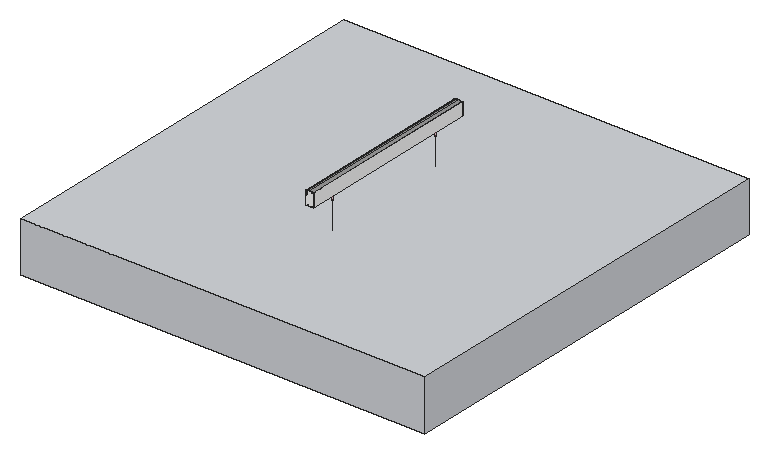
Revit family "LAMP_FIL 45 1120MM OPAL SUSPENDED", category Luminarias, Revit 2018
Family settings
  Anfitrión = Cara
  Cota de conector redondo = Diámetro de uso
  Tipo de pieza = Normal
  Corte con vacíos al cargar = No
  Origen de luz = Sí
  Compartido = No
  Punto de cálculo de habitación = No
Parameters (values of type "2600LM 3000K  BLACK")
  Ángulo de inclinación = -90.00°
  Weight = 2.40 kg
  Wattage = 17.5 W
  Type = "MID POWER TRIDONIC"
  built-in parameter 1150107 = 3000 (stored number, unit not read)
  Suspension distance [instance] = if(Suspension > 4000 mm, 4000 mm, if(Suspension < 1 mm, 1 mm, Suspension))  # 200 mm
  Suspension [instance] = 200 mm
  built-in parameter 1150110 = 1 (stored number, unit not read)
  built-in parameter 1150109 = 1 (stored number, unit not read)
  built-in parameter 1150112 = 1 (stored number, unit not read)
  built-in parameter 1150113 = 1 (stored number, unit not read)
  built-in parameter 1114218 = 1 (stored number, unit not read)
  Protection rating = "IP20 / IK07"
  Product datasheet = "http://www.lamp.es/product-files/TECH/F41SF112MOOP830NB-EN.pdf"
  Product code = "F41SF112MOOP830NB"
  Product URL = "https://www.lamp.es/en/family/fil-45_413951"
  Power Supply = "220-240V 50/60Hz"
  Power = 16 W
  Plum = 17.5 W
  Photobiological risk = ""
  NOT COVER 2 [instance] = not(END COVER 2)  # no
  NOT COVER 1 [instance] = not(END COVER 1)  # no
  built-in parameter 1150137 = (empty or 0)
  built-in parameter 1150132 = 2
  Modelo = Product code  # "F41SF112MOOP830NB"
  Model Explanation = ""
  Material suspension = LAMP_Acero genérico
  Material perfil = LAMP_Aluminio Perfil Fil NG
  Material difusor = LAMP_PC Difusor Opal Fil
  Manufacturer name = "LAMP"
  Manufacturer country = "Spain"
  Manufacturer URL = "http://www.lamp.es/en"
  MacAdam = "3"
  Longitud de línea de emisión = 1120 mm
  Last update = "15/03/2021"
  Lamp = "MID-POWER LED"
  LED Lifetime = "70.000 L80 B10"
  built-in parameter 1150105 = 655.12 (stored number, unit not read)
  built-in parameter 1150102 = (empty or 0)
  Insulation class = "I"
  Installation instructions = "https://www.lamp.es/product-files/INS/1004580-C%20INSTR.%20FIL45.pdf"
  built-in parameter 1150106 = 6.5512 (stored number, unit not read)
  IEE = "A+"
  Gear = "Electronic"
  Lumens = 1722.17 lm
  Finish = "Matte black RAL 9011"
  Color Filter = 16777215
  built-in parameter 1114217 = 1 (stored number, unit not read)
  built-in parameter 1150139 = (empty or 0)
  Fabricante = Manufacturer name  # "LAMP"
  Default Elevation = 1219.2 mm
  built-in parameter 1150104 = 9.1426 (stored number, unit not read)
  Efficacy = 98.41 lm/W
  END COVER 2 [instance] = yes
  END COVER 1 [instance] = yes
  Dimensions = "1120x45x80"
  Descripción = "FIL45 SUR 1120 2600 WW OPAL BK."
  built-in parameter 1150115 = 1 (stored number, unit not read)
  built-in parameter 1150114 = 1 (stored number, unit not read)
  built-in parameter 1150138 = (empty or 0)
  built-in parameter 1150134 = 3
  Dimming Lamp Color Temperature Shift = (empty or 0)
  CRI = "80"
  Archivo de red fotométrica = "F41SF112MOOP830NB.IES"
  built-in parameter 1150133 = 10 (stored number, unit not read)
Types (24, lengths in mm): name | Weight | Wattage | built-in parameter 1150107 | Product datasheet | Product code | Power | Plum | Modelo | Material perfil | LED Lifetime | built-in parameter 1150105 | built-in parameter 1150106 | Lumens | Finish | built-in parameter 1150104 | Efficacy | Descripción | Archivo de red fotométrica
  2600LM 3000K DALI BLACK | 2.546 kg | 17.5 W | 3000 (stored number, unit not read) | "http://www.lamp.es/product-files/TECH/F41SF112MOOP830DB-EN.pdf" | "F41SF112MOOP830DB" | 16 W | 17.5 W | "F41SF112MOOP830DB" | LAMP_Aluminio Perfil Fil NG | "70.000 L80 B10" | 655.12 (stored number, unit not read) | 6.5512 (stored number, unit not read) | 1722.17 lm | "Matte black RAL 9011" | 9.1426 (stored number, unit not read) | 98.41 lm/W | "FIL45 SUR 1120 2600 WW OPAL DALI BK." | "F41SF112MOOP830nB.IES"
  2600LM 3000K DALI GREY | 2.546 kg | 17.5 W | 3000 (stored number, unit not read) | "http://www.lamp.es/product-files/TECH/F41SF112MOOP830DG-EN.pdf" | "F41SF112MOOP830DG" | 16 W | 17.5 W | "F41SF112MOOP830DG" | LAMP_Aluminio Perfil Fil GR | "70.000 L80 B10" | 655.12 (stored number, unit not read) | 6.5512 (stored number, unit not read) | 1722.17 lm | "Gloss grey" | 9.1426 (stored number, unit not read) | 98.41 lm/W | "FIL45 SUR 1120 2600 WW OPAL DALI GR." | "F41SF112MOOP830nG.IES"
  2600LM 3000K DALI WHITE | 2.546 kg | 17.5 W | 3000 (stored number, unit not read) | "http://www.lamp.es/product-files/TECH/F41SF112MOOP830DW-EN.pdf" | "F41SF112MOOP830DW" | 16 W | 17.5 W | "F41SF112MOOP830DW" | LAMP_Aluminio Perfil Fil BL | "70.000 L80 B10" | 655.12 (stored number, unit not read) | 6.5512 (stored number, unit not read) | 1722.17 lm | "Matte white RAL 9010" | 9.1426 (stored number, unit not read) | 98.41 lm/W | "FIL45 SUR 1120 2600 WW OPAL DALI WH." | "F41SF112MOOP830nW.IES"
  2600LM 3000K  BLACK | 2.40 kg | 17.5 W | 3000 (stored number, unit not read) | "http://www.lamp.es/product-files/TECH/F41SF112MOOP830NB-EN.pdf" | "F41SF112MOOP830NB" | 16 W | 17.5 W | "F41SF112MOOP830NB" | LAMP_Aluminio Perfil Fil NG | "70.000 L80 B10" | 655.12 (stored number, unit not read) | 6.5512 (stored number, unit not read) | 1722.17 lm | "Matte black RAL 9011" | 9.1426 (stored number, unit not read) | 98.41 lm/W | "FIL45 SUR 1120 2600 WW OPAL BK." | "F41SF112MOOP830NB.IES"
  2600LM 3000K  GREY | 2.40 kg | 17.5 W | 3000 (stored number, unit not read) | "http://www.lamp.es/product-files/TECH/F41SF112MOOP830NG-EN.pdf" | "F41SF112MOOP830NG" | 16 W | 17.5 W | "F41SF112MOOP830NG" | LAMP_Aluminio Perfil Fil GR | "70.000 L80 B10" | 655.12 (stored number, unit not read) | 6.5512 (stored number, unit not read) | 1722.17 lm | "Gloss grey" | 9.1426 (stored number, unit not read) | 98.41 lm/W | "FIL45 SUR 1120 2600 WW OPAL GR." | "F41SF112MOOP830NG.IES"
  2600LM 3000K  WHITE | 2.40 kg | 13.3 W | 3000 (stored number, unit not read) | "http://www.lamp.es/product-files/TECH/F41SF112MOOP830NW-EN.pdf" | "F41SF112MOOP830NW" | 16 W | 17.5 W | "F41SF112MOOP830NW" | LAMP_Aluminio Perfil Fil BL | "70.000 L80 B10" | 491.36 (stored number, unit not read) | 4.9136 (stored number, unit not read) | 1291.7 lm | "Matte white RAL 9010" | 9.0227 (stored number, unit not read) | 98.41 lm/W | "FIL45 SUR 1120 2600 WW OPAL WH." | "F41SF112MOOP830NW.IES"
  2600LM 4000K DALI BLACK | 2.546 kg | 17.5 W | 4000 (stored number, unit not read) | "http://www.lamp.es/product-files/TECH/F41SF112MOOP840DB-EN.pdf" | "F41SF112MOOP840DB" | 16 W | 17.5 W | "F41SF112MOOP840DB" | LAMP_Aluminio Perfil Fil NG | "70.000 L80 B10" | 686.79 (stored number, unit not read) | 6.8679 (stored number, unit not read) | 1805.48 lm | "Matte black RAL 9011" | 9.5848 (stored number, unit not read) | 103.17 lm/W | "FIL45 SUR 1120 2600 NW OPAL DALI BK." | "F41SF112MOOP840nB.IES"
  2600LM 4000K DALI GREY | 2.546 kg | 17.5 W | 4000 (stored number, unit not read) | "http://www.lamp.es/product-files/TECH/F41SF112MOOP840DG-EN.pdf" | "F41SF112MOOP840DG" | 16 W | 17.5 W | "F41SF112MOOP840DG" | LAMP_Aluminio Perfil Fil GR | "70.000 L80 B10" | 686.79 (stored number, unit not read) | 6.8679 (stored number, unit not read) | 1805.48 lm | "Gloss grey" | 9.5848 (stored number, unit not read) | 103.17 lm/W | "FIL45 SUR 1120 2600 NW OPAL DALI GR." | "F41SF112MOOP840nG.IES"
  2600LM 4000K DALI WHITE | 2.546 kg | 17.5 W | 4000 (stored number, unit not read) | "http://www.lamp.es/product-files/TECH/F41SF112MOOP840DW-EN.pdf" | "F41SF112MOOP840DW" | 16 W | 17.5 W | "F41SF112MOOP840DW" | LAMP_Aluminio Perfil Fil BL | "70.000 L80 B10" | 686.79 (stored number, unit not read) | 6.8679 (stored number, unit not read) | 1805.48 lm | "Matte white RAL 9010" | 9.5848 (stored number, unit not read) | 103.17 lm/W | "FIL45 SUR 1120 2600 NW OPAL DALI WH." | "F41SF112MOOP840nW.IES"
  2600LM 4000K  BLACK | 2.40 kg | 17.5 W | 4000 (stored number, unit not read) | "http://www.lamp.es/product-files/TECH/F41SF112MOOP840NB-EN.pdf" | "F41SF112MOOP840NB" | 16 W | 17.5 W | "F41SF112MOOP840NB" | LAMP_Aluminio Perfil Fil NG | "70.000 L80 B10" | 686.79 (stored number, unit not read) | 6.8679 (stored number, unit not read) | 1805.48 lm | "Matte black RAL 9011" | 9.5848 (stored number, unit not read) | 103.17 lm/W | "FIL45 SUR 1120 2600 NW OPAL BK." | "F41SF112MOOP840NB.IES"
  2600LM 4000K  GREY | 2.40 kg | 17.5 W | 4000 (stored number, unit not read) | "http://www.lamp.es/product-files/TECH/F41SF112MOOP840NG-EN.pdf" | "F41SF112MOOP840NG" | 16 W | 17.5 W | "F41SF112MOOP840NG" | LAMP_Aluminio Perfil Fil GR | "70.000 L80 B10" | 686.79 (stored number, unit not read) | 6.8679 (stored number, unit not read) | 1805.48 lm | "Gloss grey" | 9.5848 (stored number, unit not read) | 103.17 lm/W | "FIL45 SUR 1120 2600 NW OPAL GR." | "F41SF112MOOP840NG.IES"
  2600LM 4000K  WHITE | 2.40 kg | 17.5 W | 4000 (stored number, unit not read) | "http://www.lamp.es/product-files/TECH/F41SF112MOOP840NW-EN.pdf" | "F41SF112MOOP840NW" | 16 W | 17.5 W | "F41SF112MOOP840NW" | LAMP_Aluminio Perfil Fil BL | "70.000 L80 B10" | 686.79 (stored number, unit not read) | 6.8679 (stored number, unit not read) | 1805.48 lm | "Matte white RAL 9010" | 9.5848 (stored number, unit not read) | 103.17 lm/W | "FIL45 SUR 1120 2600 NW OPAL WH." | "F41SF112MOOP840NW.IES"
  6200LM 3000K  BLACK | 2.45 kg | 40.3 W | 3000 (stored number, unit not read) | "http://www.lamp.es/product-files/TECH/F41SF112HOOP830NB-EN.pdf" | "F41SF112HOOP830NB" | 36 W | 40.3 W | "F41SF112HOOP830NB" | LAMP_Aluminio Perfil Fil NG | "72.000 L80 B10" | 1403.9 (stored number, unit not read) | 14.039 (stored number, unit not read) | 3727.75 lm | "Matte black RAL 9011" | 8.5935 (stored number, unit not read) | 92.5 lm/W | "FIL45 SUR 1120 6200 WW OPAL BK." | "F41SF112HOOP830NB.IES"
  6200LM 3000K  GREY | 2.45 kg | 40.3 W | 3000 (stored number, unit not read) | "http://www.lamp.es/product-files/TECH/F41SF112HOOP830NG-EN.pdf" | "F41SF112HOOP830NG" | 36 W | 40.3 W | "F41SF112HOOP830NG" | LAMP_Aluminio Perfil Fil GR | "72.000 L80 B10" | 1403.9 (stored number, unit not read) | 14.039 (stored number, unit not read) | 3727.75 lm | "Gloss grey" | 8.5935 (stored number, unit not read) | 92.5 lm/W | "FIL45 SUR 1120 6200 WW OPAL GR." | "F41SF112HOOP830NG.IES"
  6200LM 3000K  WHITE | 2.45 kg | 40.3 W | 3000 (stored number, unit not read) | "http://www.lamp.es/product-files/TECH/F41SF112HOOP830NW-EN.pdf" | "F41SF112HOOP830NW" | 36 W | 40.3 W | "F41SF112HOOP830NW" | LAMP_Aluminio Perfil Fil BL | "72.000 L80 B10" | 1403.9 (stored number, unit not read) | 14.039 (stored number, unit not read) | 3727.75 lm | "Matte white RAL 9010" | 8.5935 (stored number, unit not read) | 92.5 lm/W | "FIL45 SUR 1120 6200 WW OPAL WH." | "F41SF112HOOP830NW.IES"
  6200LM 4000K  BLACK | 2.45 kg | 40.3 W | 4000 (stored number, unit not read) | "http://www.lamp.es/product-files/TECH/F41SF112HOOP840NB-EN.pdf" | "F41SF112HOOP840NB" | 36 W | 40.3 W | "F41SF112HOOP840NB" | LAMP_Aluminio Perfil Fil NG | "72.000 L80 B10" | 1828.9 (stored number, unit not read) | 18.289 (stored number, unit not read) | 4807.79 lm | "Matte black RAL 9011" | 11.083 (stored number, unit not read) | 92.5 lm/W | "FIL45 SUR 1120 6200 NW OPAL BK." | "F41SF112HOOP840NB.IES"
  6200LM 4000K  GREY | 2.45 kg | 40.3 W | 4000 (stored number, unit not read) | "http://www.lamp.es/product-files/TECH/F41SF112HOOP840NG-EN.pdf" | "F41SF112HOOP840NG" | 36 W | 40.3 W | "F41SF112HOOP840NG" | LAMP_Aluminio Perfil Fil GR | "72.000 L80 B10" | 1825.8 (stored number, unit not read) | 18.258 (stored number, unit not read) | 4799.73 lm | "Gloss grey" | 11.065 (stored number, unit not read) | 92.5 lm/W | "FIL45 SUR 1120 6200 NW OPAL GR." | "F41SF112HOOP840NG.IES"
  6200LM 4000K  WHITE | 2.45 kg | 40.3 W | 4000 (stored number, unit not read) | "http://www.lamp.es/product-files/TECH/F41SF112HOOP840NW-EN.pdf" | "F41SF112HOOP840NW" | 36 W | 40.3 W | "F41SF112HOOP840NW" | LAMP_Aluminio Perfil Fil BL | "72.000 L80 B10" | 1825.8 (stored number, unit not read) | 18.258 (stored number, unit not read) | 4799.73 lm | "Matte white RAL 9010" | 11.065 (stored number, unit not read) | 92.5 lm/W | "FIL45 SUR 1120 6200 NW OPAL WH." | "F41SF112HOOP840NW.IES"
  6200LM 3000K DALI BLACK | 2.561 kg | 40.3 W | 3000 (stored number, unit not read) | "http://www.lamp.es/product-files/TECH/F41SF112HOOP830DB-EN.pdf" | "F41SF112HOOP830DB" | 36 W | 40.3 W | "F41SF112HOOP830DB" | LAMP_Aluminio Perfil Fil NG | "72.000 L80 B10" | 1403.9 (stored number, unit not read) | 14.039 (stored number, unit not read) | 3727.75 lm | "Matte black RAL 9011" | 8.5935 (stored number, unit not read) | 92.5 lm/W | "FIL45 SUR 1120 6200 WW OPAL DALI BK." | "F41SF112HOOP830nB.IES"
  6200LM 3000K DALI GREY | 2.561 kg | 40.3 W | 3000 (stored number, unit not read) | "http://www.lamp.es/product-files/TECH/F41SF112HOOP830DG-EN.pdf" | "F41SF112HOOP830DG" | 36 W | 40.3 W | "F41SF112HOOP830DG" | LAMP_Aluminio Perfil Fil GR | "72.000 L80 B10" | 1418 (stored number, unit not read) | 14.18 (stored number, unit not read) | 3727.75 lm | "Gloss grey" | 8.5935 (stored number, unit not read) | 92.5 lm/W | "FIL45 SUR 1120 6200 WW OPAL DALI GR." | "F41SF112HOOP830NG.IES"
  6200LM 3000K DALI WHITE | 2.561 kg | 40.3 W | 3000 (stored number, unit not read) | "http://www.lamp.es/product-files/TECH/F41SF112HOOP830DW-EN.pdf" | "F41SF112HOOP830DW" | 36 W | 40.3 W | "F41SF112HOOP830DW" | LAMP_Aluminio Perfil Fil BL | "72.000 L80 B10" | 1418 (stored number, unit not read) | 14.18 (stored number, unit not read) | 3727.75 lm | "Matte white RAL 9010" | 8.5935 (stored number, unit not read) | 92.5 lm/W | "FIL45 SUR 1120 6200 WW OPAL DALI WH." | "F41SF112HOOP830nW.IES"
  6200LM 4000K DALI BLACK | 2.561 kg | 40.3 W | 4000 (stored number, unit not read) | "http://www.lamp.es/product-files/TECH/F41SF112HOOP840DB-EN.pdf" | "F41SF112HOOP840DB" | 36 W | 40.3 W | "F41SF112HOOP840DB" | LAMP_Aluminio Perfil Fil NG | "72.000 L80 B10" | 1825.8 (stored number, unit not read) | 18.258 (stored number, unit not read) | 4799.73 lm | "Matte black RAL 9011" | 11.065 (stored number, unit not read) | 92.5 lm/W | "FIL45 SUR 1120 6200 NW OPAL DALI BK." | "F41SF112HOOP840nB.IES"
  6200LM 4000K DALI GREY | 2.561 kg | 40.3 W | 4000 (stored number, unit not read) | "http://www.lamp.es/product-files/TECH/F41SF112HOOP840DG-EN.pdf" | "F41SF112HOOP840DG" | 36 W | 40.3 W | "F41SF112HOOP840DG" | LAMP_Aluminio Perfil Fil GR | "72.000 L80 B10" | 1825.8 (stored number, unit not read) | 18.258 (stored number, unit not read) | 4799.73 lm | "Gloss grey" | 11.065 (stored number, unit not read) | 92.5 lm/W | "FIL45 SUR 1120 6200 NW OPAL DALI GR." | "F41SF112HOOP840nG.IES"
  6200LM 4000K DALI WHITE | 2.561 kg | 40.3 W | 4000 (stored number, unit not read) | "http://www.lamp.es/product-files/TECH/F41SF112HOOP840DW-EN.pdf" | "F41SF112HOOP840DW" | 36 W | 40.3 W | "F41SF112HOOP840DW" | LAMP_Aluminio Perfil Fil BL | "72.000 L80 B10" | 1825.8 (stored number, unit not read) | 18.258 (stored number, unit not read) | 4799.73 lm | "Matte white RAL 9010" | 11.065 (stored number, unit not read) | 92.5 lm/W | "FIL45 SUR 1120 6200 NW OPAL DALI WH." | "F41SF112HOOP840nW.IES"
Reference planes
  plane 1 "Centro (Frontal/Posterior)": y = 0
  plane 2: z = 0
  plane 3 "Centro (Izquierda/Derecha)": x = 0
Forms (mm)
  Extrusion 1, solid
    sketch origin (0, 0, 0) x (1, 0, 0) y (0, 1, 0)
      loop
        line (-1219.2, 1219.2) -> (-1219.2, -1219.2) -> (1219.2, -1219.2) -> (1219.2, 1219.2) -> (-1219.2, 1219.2)
    from 0 to -304.8
  Extrusion 2, solid, material "LAMP_Aluminio Perfil Fil NG" <- "Material perfil"
    sketch origin (0, 0, 0) x (1, 0, 0) y (0, 0, 1)
      loop
        arc (22.5, 285.7) -> (21.5, 286.7) -> (20.5, 285.7) r 1
        line (20.5, 285.7) -> (20.5, 284.2) -> (17.8, 284.2) -> (17.8, 259) -> (0, 259) -> (-17.8, 259) -> (-17.8, 284.2) -> (-20.5, 284.2) -> (-20.5, 285.7)
        arc (-20.5, 285.7) -> (-21.5, 286.7) -> (-22.5, 285.7) r 1
        line (-22.5, 285.7) -> (-22.5, 206.5) -> (-20.7, 206.5) -> (-20.7, 210) -> (-12.5, 210) -> (-12.5, 208) -> (-14.8, 208) -> (-14.5, 206.5) -> (-11, 206.5) -> (-11, 214.5) -> (0, 214.5) -> (11, 214.5) -> (11, 206.5) -> (14.5, 206.5) -> (14.8, 208) -> (12.5, 208) -> (12.5, 210) -> (20.7, 210) -> (20.7, 206.5) -> (22.5, 206.5) -> (22.5, 285.7)
    from -560 to 560
  Extrusion 3, solid, material "LAMP_Acero genérico" <- "Material suspension"
    sketch origin (0, 0, 0) x (1, 0, 0) y (0, 0, 1)
      loop
        line (-12.5, 201) -> (-15.291, 208.272) -> (-12.823, 210) -> (-13.823, 210) -> (-16.291, 208.272) -> (-13.116, 200) -> (0, 200) -> (13.116, 200) -> (16.291, 208.272) -> (13.823, 210) -> (12.823, 210) -> (15.291, 208.272) -> (12.5, 201) -> (0, 201) -> (-12.5, 201)
    from -400 to -378
  Extrusion 4, solid, material "LAMP_Acero genérico" <- "Material suspension"
    sketch origin (0, -24, 0) x (1, 0, 0) y (0, 1, 0)
      loop
        circle (0, -365) r 5
    from 163.2 to 200
  Extrusion 5, solid, material "LAMP_Acero genérico" <- "Material suspension"
    sketch origin (0, 24, 0) x (1, 0, 0) y (0, 1, 0)
      loop
        circle (0, 365) r 5
    from 163.2 to 200
  Extrusion 6, solid, material "LAMP_Acero genérico" <- "Material suspension"
    sketch origin (0, 0, 0) x (1, 0, 0) y (0, 1, 0)
      loop
        circle (0, -389) r 1
    from 0 to 163.2
  Extrusion 7, solid, material "LAMP_Acero genérico" <- "Material suspension"
    sketch origin (0, 0, 0) x (1, 0, 0) y (0, 1, 0)
      loop
        circle (0, 389) r 1
    from 0 to 163.2
  Extrusion 8, solid, material "LAMP_PC Difusor Opal Fil" <- "Material difusor"
    sketch origin (0, 0, 0) x (1, 0, 0) y (0, 0, 1)
      loop
        line (-20.5, 284.2) -> (0, 284.2) -> (20.5, 284.2) -> (20.5, 286.7) -> (0, 286.7) -> (-20.5, 286.7) -> (-20.5, 284.2)
    from -560 to 560
  Extrusion 9, solid, material "LAMP_Acero genérico" <- "Material suspension"
    sketch origin (0, 0, 0) x (1, 0, 0) y (0, 0, -1)
      loop
        line (-12.5, -201) -> (0, -201) -> (12.5, -201) -> (15.291, -208.272) -> (12.823, -210) -> (13.823, -210) -> (16.291, -208.272) -> (13.116, -200) -> (0, -200) -> (-13.116, -200) -> (-16.291, -208.272) -> (-13.823, -210) -> (-12.823, -210) -> (-15.291, -208.272) -> (-12.5, -201)
    from -400 to -378
  Extrusion 10, solid, material "LAMP_PC Difusor Opal Fil" <- "Material difusor"
    sketch origin (0, 0, 0) x (1, 0, 0) y (0, 0, 1)
      loop
        line (-11, 214.5) -> (-11, 206.5) -> (-7.529, 206.5) -> (11, 206.5) -> (11, 214.5) -> (10, 214.5) -> (10, 207.5) -> (-10, 207.5) -> (-10, 214.5) -> (-11, 214.5)
    from -560 to 560
Lines and regions (mm)
  reference lines
    curve 1: line (0, -445.47, 200) -> (0, 544.53, 200)
Text (mm)
  text "Any modification of the parameters and properties of the LAMP BIM models must be executed and validated by the LAMP technical department.\nPhone: +34 93 736 68 00\nE-mail: lamp@lamp.es\n\nLAMP reserves the right to modify the technical specifications of its products." at (3279.264, 5298.162, -2684.539), in view "Preview"
Dimensions and locks
  "Suspension distance": level to curve 1
  locked: Extrusion 4 to Extrusion 4 at 36.8
  locked: Extrusion 5 to Extrusion 5 at 36.8
  aligned and locked: plane 2 to Extrusion 1
  aligned and locked: level to Extrusion 1
  aligned and locked: Extrusion 8 to Extrusion 2  (x2)
  aligned and locked: curve 1 to Extrusion 9
  aligned and locked: curve 1 to Extrusion 3
  aligned and locked: Extrusion 4 to curve 1
  aligned and locked: Extrusion 5 to curve 1
  aligned and locked: Extrusion 6 to Extrusion 4
  aligned and locked: Extrusion 7 to Extrusion 5
  aligned and locked: Extrusion 2 to Extrusion 9  (x2)
  aligned and locked: imposter light to Extrusion 8
  aligned and locked: Extrusion 10 to Extrusion 2
  aligned and locked: nested 1 to Extrusion 2  (x2)
  aligned and locked: nested 2 to Extrusion 2  (x2)
Automatic sketch dimensions
  Extrusion 1 sketch curve to Extrusion 1 sketch curve = 2438.4 mm  (x2)
  Extrusion 3 sketch curve to plane 3 "Centro (Izquierda/Derecha)" = 0 mm  (x2)
  Extrusion 3 sketch curve to Extrusion 3 sketch curve = 12.5 mm
  Extrusion 3 sketch curve to Extrusion 3 sketch curve = 0.323 mm  (x2)
  Extrusion 3 sketch curve to Extrusion 3 sketch curve = 0.616 mm  (x2)
  Extrusion 3 sketch curve to Extrusion 3 sketch curve = 1 mm  (x5)
  Extrusion 3 sketch curve to Extrusion 3 sketch curve = 1.468 mm  (x2)
  plane 3 "Centro (Izquierda/Derecha)" to Extrusion 3 sketch curve = 12.5 mm
  level to Extrusion 3 sketch curve = 200 mm
  Extrusion 3 sketch curve to Extrusion 3 sketch curve = 7.272 mm  (x2)
  Extrusion 3 sketch curve to Extrusion 3 sketch curve = 0 mm  (x2)
  Extrusion 3 sketch curve to Extrusion 3 sketch curve = 1.728 mm  (x2)
  Extrusion 4 sketch curve to plane 3 "Centro (Izquierda/Derecha)" = 0 mm
  plane 1 "Centro (Frontal/Posterior)" to Extrusion 4 sketch curve = 389 mm
  Extrusion 5 sketch curve to plane 3 "Centro (Izquierda/Derecha)" = 0 mm
  plane 1 "Centro (Frontal/Posterior)" to Extrusion 5 sketch curve = 389 mm
  Extrusion 6 sketch curve to plane 3 "Centro (Izquierda/Derecha)" = 0 mm
  plane 1 "Centro (Frontal/Posterior)" to Extrusion 6 sketch curve = 389 mm
  Extrusion 7 sketch curve to plane 3 "Centro (Izquierda/Derecha)" = 0 mm
  plane 1 "Centro (Frontal/Posterior)" to Extrusion 7 sketch curve = 389 mm
  Extrusion 2 sketch curve to plane 3 "Centro (Izquierda/Derecha)" = 0 mm  (x2)
  Extrusion 2 sketch curve to plane 3 "Centro (Izquierda/Derecha)" = 11 mm
  Extrusion 2 sketch curve to Extrusion 2 sketch curve = 1.5 mm  (x6)
  Extrusion 2 sketch curve to Extrusion 2 sketch curve = 2 mm  (x2)
  Extrusion 2 sketch curve to Extrusion 2 sketch curve = 0.3 mm  (x2)
  Extrusion 2 sketch curve to Extrusion 2 sketch curve = 17.8 mm
  Extrusion 2 sketch curve to Extrusion 2 sketch curve = 2.7 mm  (x2)
  Extrusion 2 sketch curve to Extrusion 2 sketch curve = 5.9 mm  (x2)
  Extrusion 2 sketch curve to Extrusion 2 sketch curve = 1 mm  (x2)
  plane 3 "Centro (Izquierda/Derecha)" to Extrusion 2 sketch curve = 11 mm
  plane 3 "Centro (Izquierda/Derecha)" to Extrusion 2 sketch curve = 17.8 mm
  level to Extrusion 2 sketch curve = 206.5 mm
  Extrusion 2 sketch curve to Extrusion 2 sketch curve = 0 mm  (x3)
  Extrusion 2 sketch curve to Extrusion 2 sketch curve = 3.5 mm  (x2)
  Extrusion 2 sketch curve to Extrusion 2 sketch curve = 4.5 mm
  Extrusion 2 sketch curve to Extrusion 2 sketch curve = 44.5 mm
  Extrusion 2 sketch curve to Extrusion 2 sketch curve = 25.2 mm  (x2)
  Extrusion 8 sketch curve to plane 3 "Centro (Izquierda/Derecha)" = 0 mm  (x2)
  Extrusion 8 sketch curve to Extrusion 8 sketch curve = 20.5 mm
  plane 3 "Centro (Izquierda/Derecha)" to Extrusion 8 sketch curve = 20.5 mm
  level to Extrusion 8 sketch curve = 284.2 mm
  Extrusion 8 sketch curve to Extrusion 8 sketch curve = 2.5 mm
  Extrusion 9 sketch curve to plane 3 "Centro (Izquierda/Derecha)" = 0 mm  (x2)
  Extrusion 9 sketch curve to Extrusion 9 sketch curve = 12.5 mm
  Extrusion 9 sketch curve to Extrusion 9 sketch curve = 0.323 mm  (x2)
  Extrusion 9 sketch curve to Extrusion 9 sketch curve = 0.616 mm  (x2)
  Extrusion 9 sketch curve to Extrusion 9 sketch curve = 1 mm  (x5)
  Extrusion 9 sketch curve to Extrusion 9 sketch curve = 1.468 mm  (x2)
  plane 3 "Centro (Izquierda/Derecha)" to Extrusion 9 sketch curve = 12.5 mm
  level to Extrusion 9 sketch curve = 210 mm
  Extrusion 9 sketch curve to Extrusion 9 sketch curve = 0 mm  (x3)
  Extrusion 9 sketch curve to Extrusion 9 sketch curve = 1.728 mm  (x2)
  Extrusion 9 sketch curve to Extrusion 9 sketch curve = 7.272 mm
  Extrusion 10 sketch curve to plane 3 "Centro (Izquierda/Derecha)" = 11 mm
  Extrusion 10 sketch curve to Extrusion 10 sketch curve = 1 mm  (x3)
  Extrusion 10 sketch curve to Extrusion 10 sketch curve = 2.471 mm
  plane 3 "Centro (Izquierda/Derecha)" to Extrusion 10 sketch curve = 10 mm
  level to Extrusion 10 sketch curve = 206.5 mm
  Extrusion 10 sketch curve to Extrusion 10 sketch curve = 7 mm  (x2)
  plane 1 "Centro (Frontal/Posterior)" to curve 1 = 445.47 mm
  curve 1 to plane 1 "Centro (Frontal/Posterior)" = 544.53 mm
  radius of Extrusion 4 sketch curve = 5 mm
  radius of Extrusion 5 sketch curve = 5 mm
  radius of Extrusion 6 sketch curve = 1 mm
  radius of Extrusion 7 sketch curve = 1 mm
Nested families
  nested 1: "LAMP_FIL 45 END COVER SURFACE" at (0, -561, 206.5), visible <- "END COVER 1", type "LAMP_FIL 45 END COVER SURFACE"
  nested 2: "LAMP_FIL 45 END COVER SURFACE" at (0, 561, 206.5), visible <- "END COVER 2", type "LAMP_FIL 45 END COVER SURFACE"
Connectors
  electrical at (0, 389, 200)
    settings: on Extrusion 5, index 1, voltage 230 V, apparent load 0 VA, apparent load phase1 0 VA, apparent load phase2 0 VA, apparent load phase3 0 VA, power factor 1, load classification "Otro", number of poles 1, system type 31, power factor state 1, is connector primary yes, connector utility no, sub classification motor no, connector description ""
Definition of nested family "LAMP_FIL 45 END COVER SURFACE"
  Parameters (values of type "Blanco")
    Material tapa = none
  Reference planes
    plane 1 "Centro (Frontal/Posterior)": y = 0
    plane 2: z = 0
    plane 3 "Centro (Izquierda/Derecha)": x = 0
  Forms (mm)
    Extrusion 1, solid, material <- "Material tapa"
      sketch origin (0, 0, 0) x (0, -1, 0) y (0, 0, 1)
        loop
          line (0, 0) -> (1, 0) -> (1, 80) -> (-1, 80) -> (-1, 0) -> (0, 0)
      from -22.5 to 22.5
  Dimensions and locks
    aligned and locked: level to plane 2
